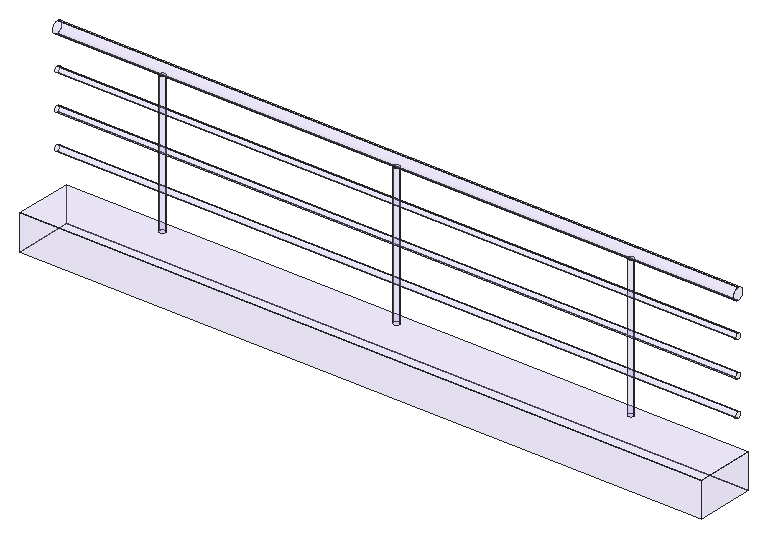
Revit family
Parameters
  Interasse2 [instance] = (Interasse) - 25 mm  # 275 mm
  Interasse [instance] = (Altezza) / 4  # 300 mm
  Default Elevation = 1219.2 mm
  Altezza [instance] = 1200 mm
Reference planes
  plane 1 "Center (Front/Back)": y = 0
  plane 2: z = -500
  plane 3 "Center (Left/Right)": x = 0
  plane 4: z = 300
  plane 5: z = 900
  plane 6: z = 1500
  plane 7: x = -1000
  plane 8: x = 1000
  plane 9: x = 3000
  plane 10: x = 4680.288
  plane 11: x = -1761.329
  plane 12: y = -103.805
  plane 13: x = 0
  plane 14: y = -103.805
  plane 15: y = -103.805
  plane 16: y = -103.805
  plane 17: y = -103.805
  plane 18: x = -1900
  plane 19: y = -78.805
  plane 20: y = -103.805
  plane 21: y = -103.805
  plane 22: z = 600
  plane 23: y = -103.805
  plane 24: x = 3916.957
  plane 25: z = 300
  plane 26: z = 1200
  plane 27: z = 1500
Forms (mm)
  Extrusion 1, solid
    sketch origin (0, 0, 0) x (1, 0, 0) y (0, 0, 1)
      loop
        line (-1900, 0) -> (3916.957, 0) -> (3916.957, 300) -> (-1900, 300) -> (-1900, 0)
    from 0 to 500
  Extrusion 2, solid
    sketch origin (0, 0, 0) x (1, 0, 0) y (0, 1, 0)
      loop
        circle (-1000, -103.805) r 25
    from 300 to 1500
  Extrusion 3, solid
    sketch origin (2000, 0, 0) x (1, 0, 0) y (0, 1, 0)
      loop
        circle (-1000, -103.805) r 25
    from 300 to 1500
  Extrusion 4, solid
    sketch origin (4000, 0, 0) x (1, 0, 0) y (0, 1, 0)
      loop
        circle (-1000, -103.805) r 25
    from 300 to 1500
  Extrusion 5, solid
    sketch origin (-1389.571, 0, 566.667) x (0, 0, -1) y (0, 1, 0)
      loop
        circle (-983.333, -103.805) r 50
    from -510.429 to 5306.529
  Extrusion 6, solid
    sketch origin (-1389.571, 0, 208.333) x (0, 0, -1) y (0, 1, 0)
      loop
        circle (-1016.667, -103.805) r 25
    from -510.429 to 5306.529
  Extrusion 7, solid
    sketch origin (-1389.571, 0, -75) x (0, 0, -1) y (0, 1, 0)
      loop
        circle (-1000, -103.805) r 25
    from -510.429 to 5306.529
  Extrusion 8, solid
    sketch origin (-1389.571, 0, -375) x (0, 0, -1) y (0, 1, 0)
      loop
        circle (-1000, -103.805) r 25
    from -510.429 to 5306.529
Dimensions and locks
  equal spacing: group 1, group 2, group 3  (x3)
  "Interasse": plane 22 to plane 25
  "Interasse": plane 5 to plane 22
  "Interasse": plane 26 to plane 5
  "Interasse": plane 27 to plane 26
  "Altezza": plane 6 to plane 4
  aligned and locked: Extrusion 1 sketch curve to level
  aligned and locked: Extrusion 5 to plane 18
  aligned and locked: Extrusion 1 to plane 18
  aligned and locked: Extrusion 8 to plane 18
  aligned and locked: Extrusion 7 to plane 18
  aligned and locked: Extrusion 6 to plane 18
  aligned and locked: Extrusion 1 to plane 24
  aligned and locked: Extrusion 8 to plane 24
  aligned and locked: Extrusion 7 to plane 24
  aligned and locked: Extrusion 6 to plane 24
  aligned and locked: plane 22 to Extrusion 8  (x2)
  aligned and locked: Extrusion 3 to plane 6
  aligned and locked: Extrusion 4 to plane 6
  aligned and locked: plane 4 to Extrusion 3
  aligned and locked: plane 4 to Extrusion 4
  aligned and locked: Extrusion 2 to plane 6
  aligned and locked: plane 25 to Extrusion 1
  aligned and locked: plane 25 to plane 4
Automatic sketch dimensions
  Extrusion 1 sketch curve to plane 4 = 0 mm
  Extrusion 1 sketch curve to plane 18 = 0 mm
  Extrusion 1 sketch curve to plane 24 = 0 mm
  Extrusion 2 sketch curve to plane 7 = 0 mm
  Extrusion 2 sketch curve to plane 12 = 0 mm
  Extrusion 3 sketch curve to plane 8 = 0 mm
  Extrusion 3 sketch curve to plane 14 = 0 mm
  Extrusion 4 sketch curve to plane 9 = 0 mm
  Extrusion 4 sketch curve to plane 15 = 0 mm
  Extrusion 5 sketch curve to plane 16 = 0 mm
  plane 6 to Extrusion 5 sketch curve = 50 mm
  Extrusion 6 sketch curve to plane 16 = 0 mm
  Extrusion 7 sketch curve to plane 16 = 0 mm
  plane 5 to Extrusion 7 sketch curve = 25 mm
  Extrusion 8 sketch curve to plane 16 = 0 mm
  plane 22 to Extrusion 8 sketch curve = 25 mm
  plane 26 to Extrusion 6 sketch curve = 25 mm
  radius of Extrusion 2 sketch curve = 25 mm
  radius of Extrusion 3 sketch curve = 25 mm
  radius of Extrusion 4 sketch curve = 25 mm
  radius of Extrusion 5 sketch curve = 50 mm
  radius of Extrusion 6 sketch curve = 25 mm
  radius of Extrusion 7 sketch curve = 25 mm
  radius of Extrusion 8 sketch curve = 25 mm
